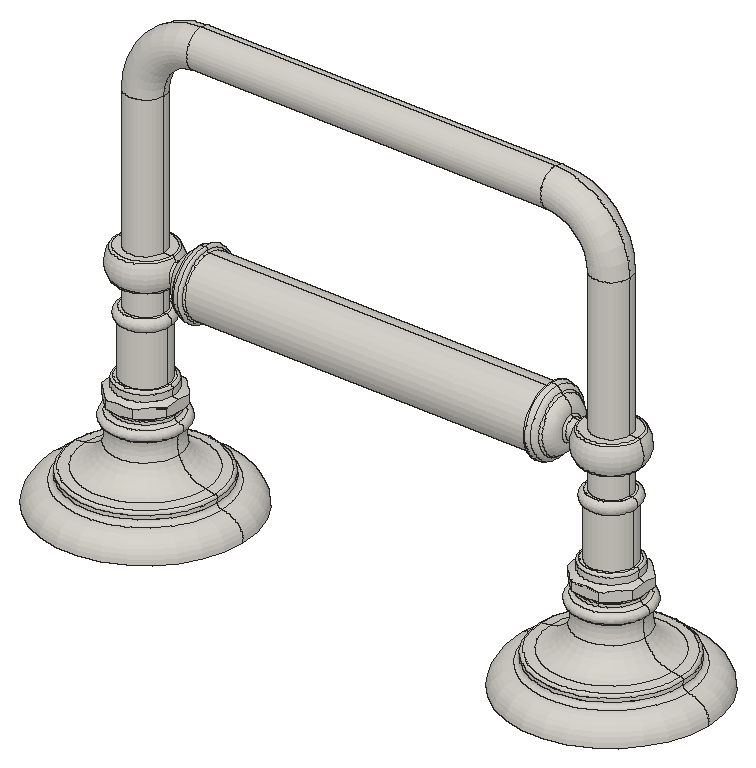
Revit family "Accessory-Tissue_Holder-KOHLER-Artifacts-K-72573BR_1", category Specialty Equipment, host Face, Revit 2017
Family settings
  Host = Face
  Round Connector Dimension = Use Diameter
  Part Type = Normal
  OmniClass Number = 23.31.25.21
  OmniClass Title = Toilet Paper Dispensers
  Cut with Voids When Loaded = No
  Shared = No
  Room Calculation Point = No
Parameters (values of type "SN-Vibrant Polished Nickel")
  Width = 6 1/4"  # constant formula
  WaterSense Certified = 1 = 0  # no
  URL = "https://br.kohler.com/"
  Type = 1
  Product Page URL = "https://br.kohler.com/product-detail/72573br?skuid=K-72573BR-SN"
  Product Name = "Artifacts"  # constant formula
  Product Documentation Link = ""
  Model = "K-72573BR-SN"  # constant formula
  Material = "Premium Metal Construction"  # constant formula
  Master Format 2014 Name = "Toilet, Bath, and Laundry Accessories"  # constant formula
  Master Format 2014 = "10 28 00"  # constant formula
  Manufacturer Address = "Rio de Janeiro MULTIREPAROS RUA BATISTA DA COSTA, Nº 352 | STORE B Rio de Janeiro SÃO GONÇALO 24450-470"  # constant formula
  Manufacturer = "KOHLER Co."  # constant formula
  Length = 6"  # constant formula
  Height = 2 5/8"  # constant formula
  Finish = Kohler-Metal-SN-Vibrant_Polished_Nickel
  Environmental Product Declaration = ""
  Description = "Vertical Paper"  # constant formula
  Default Elevation = 42"
  Declare Label = ""
  Date Modified = "07/15/2020"  # constant formula
  Date Created = "07/15/2020"  # constant formula
  Copyright = "Copyright KOHLER Co."  # constant formula
  Contact Us = "https://br.kohler.com/asr-listing"
  Assembly Code = "C1030200"
  ADA Compliant = 1 = 0  # no
Reference planes (in)
  plane 1 "Center (Front/Back)": y = 0
  plane 2: z = 0
  plane 3 "Center (Left/Right)": x = 0
  plane 4: x = 4.4375
  plane 5: x = -4.4375
  plane 6: y = -0.24996
  plane 7: y = 1.3125
  plane 8: z = 6
  plane 9: z = 5.5
  plane 10: z = 2.9274
  plane 11: y = 0.24996
  plane 12: z = 5.75
  plane 13: z = 2.5333
  plane 14: z = 0.29582
  plane 15: y = -1.3125
  plane 16: z = 3.3215
  plane 17: y = 0.39411
  plane 18: y = -0.39411
  plane 19: x = -3.125
  plane 20: x = -1.8125
  plane 21: x = 1.8125
  plane 22: x = 3.125
  plane 23: x = 3.37496
  plane 24: x = 2.87504
  plane 25: x = -3.37496
  plane 26: x = -2.87504
Dimensions and locks (in)
  "Length": plane 8 to level
  "Width": plane 19 to plane 22
  plane 5 to plane 4 = 8 7/8"
  "Height": plane 15 to plane 7
  aligned and locked: plane 2 to host face
  aligned and locked: level to host face
Automatic sketch dimensions
  host sketch curve to host sketch curve = 96"  (x2)
Nested families (in)
  nested 1: "K-72573BR" at (0, 0, 0), type "K-72573BR"
Definition of nested family "K-72573BR"
  Parameters (values of type "K-72573BR")
    Material = none
  Reference planes (in)
    plane 1 "Center (Front/Back)": y = 0
    plane 2: z = 0
    plane 3 "Center (Left/Right)": x = 0
    plane 4: z = 6
    plane 5: x = 3.125
    plane 6: x = -3.125
    plane 7: y = 1.3125
    plane 8: y = -1.3125
    plane 9: x = -4.4375
    plane 10: x = -1.8125
    plane 11: x = 4.4375
    plane 12: x = 1.8125
    plane 13: x = -2.27668
    plane 14: x = 2.27668
    plane 15: z = 5.5
    plane 16: z = 3.3215
    plane 17: z = 2.5333
    plane 18: z = 0.29582
    plane 19: z = 2.9274
    plane 20: x = -3.37496
    plane 21: x = -2.87504
    plane 22: x = 2.87504
    plane 23: x = 3.37496
    plane 24: z = 5.75
    plane 25: y = 0.24996
    plane 26: y = -0.24996
    plane 27: y = 0.39411
    plane 28: y = -0.39411
  Forms (in)
    Revolve 1, solid, material <- "Material", detail levels medium+fine
      sketch origin (0.11974, 0, 0) x (1, 0, 0) y (0, 0, 1)
        loop
          line (-3.24474, 3.11596) -> (-3.60265, 3.11596)
          arc (-3.60265, 3.11596) -> (-3.61756, 3.11217) -> (-3.62886, 3.10173) r 0.03125
          arc (-3.62886, 3.10173) -> (-3.68053, 2.92918) -> (-3.63093, 2.75602) r 0.32035
          arc (-3.63093, 2.75602) -> (-3.61754, 2.74342) -> (-3.59974, 2.73884) r 0.03691
          line (-3.59974, 2.73884) -> (-3.49471, 2.73884) -> (-3.49471, 2.3874) -> (-3.53448, 2.3874)
          arc (-3.53448, 2.3874) -> (-3.59166, 2.31653) -> (-3.54735, 2.23697) r 0.08142
          line (-3.54735, 2.23697) -> (-3.54735, 1.55443) -> (-3.58362, 1.55443)
          arc (-3.58362, 1.55443) -> (-3.60622, 1.54506) -> (-3.61559, 1.52245) r 0.03197
          line (-3.61559, 1.52245) -> (-3.61559, 1.43735) -> (-3.81784, 1.33871) -> (-3.6599, 1.24752)
          arc (-3.6599, 1.24752) -> (-3.64433, 1.23489) -> (-3.63848, 1.21572) r 0.03432
          line (-3.63848, 1.21572) -> (-3.63848, 1.17818)
          arc (-3.63848, 1.17818) -> (-3.65292, 1.14605) -> (-3.68653, 1.13551) r 0.04297
          arc (-3.68653, 1.13551) -> (-3.75157, 1.09143) -> (-3.71716, 1.02081) r 0.05997
          arc (-3.71716, 1.02081) -> (-3.70417, 1.01174) -> (-3.69592, 0.99821) r 0.0386
          arc (-3.69592, 0.99821) -> (-3.67535, 0.87636) -> (-3.69755, 0.75479) r 0.35709
          arc (-3.69755, 0.75479) -> (-3.83491, 0.5624) -> (-4.05077, 0.46604) r 0.45049
          arc (-4.05077, 0.46604) -> (-4.11352, 0.45618) -> (-4.17623, 0.44613) r 20.60461
          arc (-4.17623, 0.44613) -> (-4.19991, 0.43278) -> (-4.2093, 0.40727) r 0.03936
          line (-4.2093, 0.40727) -> (-4.2093, 0.3595)
          arc (-4.2093, 0.3595) -> (-4.22723, 0.31519) -> (-4.27093, 0.29582) r 0.06371
          arc (-4.27093, 0.29582) -> (-4.47394, 0.20584) -> (-4.55724, 0) r 0.29598
          line (-4.55724, 0) -> (-3.24474, 0) -> (-3.24474, 3.11596)
        axis (-3.24474, 0) -> (-3.24474, 3.11596)
      angle from 0 to 360
    Extrusion 2, void
      sketch origin (0.11974, 0, 0) x (1, 0, 0) y (0, 1, 0)
        loop
          line (-3.42576, 0.43701) -> (-3.68175, 0.18101) -> (-3.68175, -0.18101) -> (-3.42576, -0.43701) -> (-3.06373, -0.43701) -> (-2.80774, -0.18101) -> (-2.80774, 0.18101) -> (-3.06373, 0.43701) -> (-3.42576, 0.43701)
        loop
          circle (-3.24474, 0) r 0.63543
      from 1.22241 to 1.43031
    Revolve 3, solid, material <- "Material", detail levels medium+fine
      sketch origin (0, 0, 0) x (1, 0, 0) y (0, 0, 1)
        loop
          line (3.125, 2.9274) -> (3.125, 3.0576) -> (2.61816, 3.0576)
          arc (2.61816, 3.0576) -> (2.5953, 3.0677) -> (2.58739, 3.09141) r 0.03091
          arc (2.58739, 3.09141) -> (2.56082, 3.20469) -> (2.47115, 3.27883) r 0.18235
          arc (2.47115, 3.27883) -> (2.45785, 3.28771) -> (2.44965, 3.30145) r 0.03631
          arc (2.44965, 3.30145) -> (2.42849, 3.33695) -> (2.39417, 3.35996) r 0.09408
          arc (2.39417, 3.35996) -> (2.3621, 3.37038) -> (2.32908, 3.37722) r 0.30695
          arc (2.32908, 3.37722) -> (2.30343, 3.36873) -> (2.2951, 3.34304) r 0.02989
          arc (2.2951, 3.34304) -> (2.29085, 3.32803) -> (2.27668, 3.3215) r 0.01865
          line (2.27668, 3.3215) -> (-2.27668, 3.3215)
          arc (-2.27668, 3.3215) -> (-2.29085, 3.32803) -> (-2.2951, 3.34304) r 0.01865
          arc (-2.2951, 3.34304) -> (-2.30343, 3.36873) -> (-2.32908, 3.37722) r 0.02989
          arc (-2.32908, 3.37722) -> (-2.3621, 3.37038) -> (-2.39417, 3.35996) r 0.30695
          arc (-2.39417, 3.35996) -> (-2.42849, 3.33695) -> (-2.44965, 3.30145) r 0.09408
          arc (-2.44965, 3.30145) -> (-2.45785, 3.28771) -> (-2.47115, 3.27883) r 0.03631
          arc (-2.47115, 3.27883) -> (-2.56082, 3.20469) -> (-2.58739, 3.09141) r 0.18235
          arc (-2.58739, 3.09141) -> (-2.5953, 3.0677) -> (-2.61816, 3.0576) r 0.03091
          line (-2.61816, 3.0576) -> (-3.125, 3.0576) -> (-3.125, 2.9274) -> (3.125, 2.9274)
        axis (-3.125, 2.9274) -> (3.125, 2.9274)
      angle from 0 to 360
    Sweep 4, solid, material <- "Material", detail levels medium+fine
      path origin (0, 0, 0) x (1, 0, 0) y (0, 0, 1)
        loop
          line (-3.125, 3.10029) -> (-3.125, 5)
          arc (-3.125, 5) -> (-2.9054, 5.53026) -> (-2.3752, 5.75) r 0.75
          line (-2.3752, 5.75) -> (2.3752, 5.75)
          arc (2.3752, 5.75) -> (2.9054, 5.53026) -> (3.125, 5) r 0.75
          line (3.125, 5) -> (3.125, 3.10029)
      profile origin (-3.125, 0, 4.05014) x (-1, 0, 0) y (0, -1, 0)
        loop
          circle (0, 0) r 0.24996
    Extrusion 5, void
      sketch origin (-0.11974, 0, 0) x (-1, 0, 0) y (0, -1, 0)
        loop
          line (-3.42576, -0.43701) -> (-3.06373, -0.43701) -> (-2.80774, -0.18101) -> (-2.80774, 0.18101) -> (-3.06373, 0.43701) -> (-3.42576, 0.43701) -> (-3.68175, 0.18101) -> (-3.68175, -0.18101) -> (-3.42576, -0.43701)
        loop
          circle (-3.24474, 0) r 0.63543
      from 1.22241 to 1.43031
    Revolve 6, solid, material <- "Material", detail levels medium+fine
      sketch origin (-0.11974, 0, 0) x (-1, 0, 0) y (0, 0, 1)
        loop
          line (-3.24474, 3.11596) -> (-3.60265, 3.11596)
          arc (-3.60265, 3.11596) -> (-3.61756, 3.11217) -> (-3.62886, 3.10173) r 0.03125
          arc (-3.62886, 3.10173) -> (-3.68053, 2.92918) -> (-3.63093, 2.75602) r 0.32035
          arc (-3.63093, 2.75602) -> (-3.61754, 2.74342) -> (-3.59974, 2.73884) r 0.03691
          line (-3.59974, 2.73884) -> (-3.49471, 2.73884) -> (-3.49471, 2.3874) -> (-3.53448, 2.3874)
          arc (-3.53448, 2.3874) -> (-3.59166, 2.31653) -> (-3.54735, 2.23697) r 0.08142
          line (-3.54735, 2.23697) -> (-3.54735, 1.55443) -> (-3.58362, 1.55443)
          arc (-3.58362, 1.55443) -> (-3.60622, 1.54506) -> (-3.61559, 1.52245) r 0.03197
          line (-3.61559, 1.52245) -> (-3.61559, 1.43735) -> (-3.81784, 1.33871) -> (-3.6599, 1.24752)
          arc (-3.6599, 1.24752) -> (-3.64433, 1.23489) -> (-3.63848, 1.21572) r 0.03432
          line (-3.63848, 1.21572) -> (-3.63848, 1.17818)
          arc (-3.63848, 1.17818) -> (-3.65292, 1.14605) -> (-3.68653, 1.13551) r 0.04297
          arc (-3.68653, 1.13551) -> (-3.75157, 1.09143) -> (-3.71716, 1.02081) r 0.05997
          arc (-3.71716, 1.02081) -> (-3.70417, 1.01174) -> (-3.69592, 0.99821) r 0.0386
          arc (-3.69592, 0.99821) -> (-3.67535, 0.87636) -> (-3.69755, 0.75479) r 0.35709
          arc (-3.69755, 0.75479) -> (-3.83491, 0.5624) -> (-4.05077, 0.46604) r 0.45049
          arc (-4.05077, 0.46604) -> (-4.11352, 0.45618) -> (-4.17623, 0.44613) r 20.60461
          arc (-4.17623, 0.44613) -> (-4.19991, 0.43278) -> (-4.2093, 0.40727) r 0.03936
          line (-4.2093, 0.40727) -> (-4.2093, 0.3595)
          arc (-4.2093, 0.3595) -> (-4.22723, 0.31519) -> (-4.27093, 0.29582) r 0.06371
          arc (-4.27093, 0.29582) -> (-4.47394, 0.20584) -> (-4.55724, 0) r 0.29598
          line (-4.55724, 0) -> (-3.24474, 0) -> (-3.24474, 3.11596)
        axis (-3.24474, 0) -> (-3.24474, 3.11596)
      angle from 0 to 360
    Revolve 7, solid, material <- "Material", detail levels coarse
      sketch origin (0, 0, 0) x (1, 0, 0) y (0, 0, 1)
        loop
          line (-3.125, 0) -> (-3.125, 2.23882) -> (-3.47682, 2.23882) -> (-3.47682, 1.09143) -> (-3.63183, 1.09143) -> (-4.4375, 0) -> (-3.125, 0)
        axis (-3.125, 0) -> (-3.125, 2.23882)
      angle from 0 to 360
    Sweep 8, solid, material <- "Material", detail levels coarse
      path origin (0, 0, 0) x (1, 0, 0) y (0, 0, 1)
        loop
          line (3.125, 2.23882) -> (3.125, 5.75) -> (-3.125, 5.75) -> (-3.125, 2.23882)
      profile origin (0, 0, 5.75) x (0, 0, 1) y (0, -1, 0)
        loop
          circle (0, 0) r 0.26378
    Revolve 9, solid, material <- "Material", detail levels coarse
      sketch origin (0, 0, 0) x (1, 0, 0) y (0, 0, 1)
        loop
          line (-3.125, 2.9274) -> (3.125, 2.9274) -> (2.44965, 3.3215) -> (-2.44965, 3.3215) -> (-3.125, 2.9274)
        axis (-3.125, 2.9274) -> (3.125, 2.9274)
      angle from 0 to 360
    Revolve 10, solid, material <- "Material", detail levels coarse
      sketch origin (0, 0, 0) x (-1, 0, 0) y (0, 0, 1)
        loop
          line (-3.125, 0) -> (-3.125, 2.23882) -> (-3.47682, 2.23882) -> (-3.47682, 1.09143) -> (-3.63183, 1.09143) -> (-4.4375, 0) -> (-3.125, 0)
        axis (-3.125, 0) -> (-3.125, 2.23882)
      angle from 0 to 360
  Cuts and joins
    Extrusion 2, Extrusion 5 cuts Revolve 1
    Extrusion 5 cuts Revolve 6
    joined: Revolve 1, Revolve 3, Sweep 4, Revolve 6
    joined: Revolve 7, Sweep 8, Revolve 9, Revolve 10
  Lines and regions (in)
    Masking region 1
      outline origin (0, 0, 0) x (1, 0, 0) y (0, 0, 1)
        loop
          line (-3.125, 0) -> (-1.8125, 0)
          arc (-1.8125, 0) -> (-1.8958, 0.20584) -> (-2.09881, 0.29582) r 0.29598
          arc (-2.09881, 0.29582) -> (-2.14251, 0.31519) -> (-2.16044, 0.3595) r 0.06371
          line (-2.16044, 0.3595) -> (-2.16044, 0.40727)
          arc (-2.16044, 0.40727) -> (-2.16983, 0.43278) -> (-2.19351, 0.44613) r 0.03936
          arc (-2.19351, 0.44613) -> (-2.25623, 0.45618) -> (-2.31897, 0.46604) r 20.60461
          arc (-2.31897, 0.46604) -> (-2.53484, 0.5624) -> (-2.67219, 0.75479) r 0.45049
          arc (-2.67219, 0.75479) -> (-2.69439, 0.87636) -> (-2.67382, 0.99821) r 0.35709
          arc (-2.67382, 0.99821) -> (-2.66557, 1.01174) -> (-2.65259, 1.02081) r 0.0386
          arc (-2.65259, 1.02081) -> (-2.61817, 1.09143) -> (-2.68321, 1.13551) r 0.05997
          arc (-2.68321, 1.13551) -> (-2.71682, 1.14605) -> (-2.73126, 1.17818) r 0.04297
          line (-2.73126, 1.17818) -> (-2.73126, 1.21231)
          arc (-2.73126, 1.21231) -> (-2.72801, 1.22852) -> (-2.71875, 1.24222) r 0.042
          line (-2.71875, 1.24222) -> (-2.68799, 1.26014) -> (-2.68799, 1.40508) -> (-2.75416, 1.43735) -> (-2.75416, 1.52245)
          arc (-2.75416, 1.52245) -> (-2.76352, 1.54506) -> (-2.78613, 1.55443) r 0.03197
          line (-2.78613, 1.55443) -> (-2.82239, 1.55443) -> (-2.82239, 2.23697)
          arc (-2.82239, 2.23697) -> (-2.77809, 2.31653) -> (-2.83527, 2.3874) r 0.08142
          line (-2.83527, 2.3874) -> (-2.87504, 2.3874) -> (-2.87504, 2.73884) -> (-2.77001, 2.73884)
          arc (-2.77001, 2.73884) -> (-2.75068, 2.74431) -> (-2.73707, 2.75909) r 0.03691
          arc (-2.73707, 2.75909) -> (-2.72636, 2.77781) -> (-2.71692, 2.7972) r 0.32035
          line (-2.71692, 2.7972) -> (-2.61816, 2.7972)
          arc (-2.61816, 2.7972) -> (-2.5953, 2.7871) -> (-2.58739, 2.76339) r 0.03091
          arc (-2.58739, 2.76339) -> (-2.56082, 2.65011) -> (-2.47115, 2.57597) r 0.18235
          arc (-2.47115, 2.57597) -> (-2.45785, 2.56709) -> (-2.44965, 2.55335) r 0.03631
          arc (-2.44965, 2.55335) -> (-2.42849, 2.51785) -> (-2.39417, 2.49484) r 0.09408
          arc (-2.39417, 2.49484) -> (-2.3621, 2.48442) -> (-2.32908, 2.47758) r 0.30695
          arc (-2.32908, 2.47758) -> (-2.30343, 2.48606) -> (-2.2951, 2.51176) r 0.02989
          arc (-2.2951, 2.51176) -> (-2.29085, 2.52677) -> (-2.27668, 2.5333) r 0.01865
          line (-2.27668, 2.5333) -> (2.27668, 2.5333)
          arc (2.27668, 2.5333) -> (2.29085, 2.52677) -> (2.2951, 2.51176) r 0.01865
          arc (2.2951, 2.51176) -> (2.30343, 2.48606) -> (2.32908, 2.47758) r 0.02989
          arc (2.32908, 2.47758) -> (2.3621, 2.48442) -> (2.39417, 2.49484) r 0.30695
          arc (2.39417, 2.49484) -> (2.42849, 2.51785) -> (2.44965, 2.55335) r 0.09408
          arc (2.44965, 2.55335) -> (2.45785, 2.56709) -> (2.47115, 2.57597) r 0.03631
          arc (2.47115, 2.57597) -> (2.56082, 2.65011) -> (2.58739, 2.76339) r 0.18235
          arc (2.58739, 2.76339) -> (2.5953, 2.7871) -> (2.61816, 2.7972) r 0.03091
          line (2.61816, 2.7972) -> (2.71692, 2.7972)
          arc (2.71692, 2.7972) -> (2.72636, 2.77781) -> (2.73707, 2.75909) r 0.32035
          arc (2.73707, 2.75909) -> (2.75068, 2.74431) -> (2.77001, 2.73884) r 0.03691
          line (2.77001, 2.73884) -> (2.87504, 2.73884) -> (2.87504, 2.3874) -> (2.83527, 2.3874)
          arc (2.83527, 2.3874) -> (2.77809, 2.31653) -> (2.82239, 2.23697) r 0.08142
          line (2.82239, 2.23697) -> (2.82239, 1.55443) -> (2.78613, 1.55443)
          arc (2.78613, 1.55443) -> (2.76352, 1.54506) -> (2.75416, 1.52245) r 0.03197
          line (2.75416, 1.52245) -> (2.75416, 1.43735) -> (2.68799, 1.40508) -> (2.68799, 1.26014) -> (2.71875, 1.24222)
          arc (2.71875, 1.24222) -> (2.72801, 1.22852) -> (2.73126, 1.21231) r 0.042
          line (2.73126, 1.21231) -> (2.73126, 1.17818)
          arc (2.73126, 1.17818) -> (2.71682, 1.14605) -> (2.68321, 1.13551) r 0.04297
          arc (2.68321, 1.13551) -> (2.61817, 1.09143) -> (2.65259, 1.02081) r 0.05997
          arc (2.65259, 1.02081) -> (2.66557, 1.01174) -> (2.67382, 0.99821) r 0.0386
          arc (2.67382, 0.99821) -> (2.69439, 0.87636) -> (2.67219, 0.75479) r 0.35709
          arc (2.67219, 0.75479) -> (2.53484, 0.5624) -> (2.31897, 0.46604) r 0.45049
          arc (2.31897, 0.46604) -> (2.25623, 0.45618) -> (2.19351, 0.44613) r 20.60461
          arc (2.19351, 0.44613) -> (2.16983, 0.43278) -> (2.16044, 0.40727) r 0.03936
          line (2.16044, 0.40727) -> (2.16044, 0.3595)
          arc (2.16044, 0.3595) -> (2.14251, 0.31519) -> (2.09881, 0.29582) r 0.06371
          arc (2.09881, 0.29582) -> (1.8958, 0.20584) -> (1.8125, 0) r 0.29598
          line (1.8125, 0) -> (3.125, 0) -> (4.4375, 0)
          arc (4.4375, 0) -> (4.3542, 0.20584) -> (4.15119, 0.29582) r 0.29598
          arc (4.15119, 0.29582) -> (4.10749, 0.31519) -> (4.08956, 0.3595) r 0.06371
          line (4.08956, 0.3595) -> (4.08956, 0.40727)
          arc (4.08956, 0.40727) -> (4.08017, 0.43278) -> (4.05649, 0.44613) r 0.03936
          arc (4.05649, 0.44613) -> (3.99377, 0.45618) -> (3.93103, 0.46604) r 20.60461
          arc (3.93103, 0.46604) -> (3.71516, 0.5624) -> (3.57781, 0.75479) r 0.45049
          arc (3.57781, 0.75479) -> (3.55561, 0.87636) -> (3.57618, 0.99821) r 0.35709
          arc (3.57618, 0.99821) -> (3.58443, 1.01174) -> (3.59741, 1.02081) r 0.0386
          arc (3.59741, 1.02081) -> (3.63183, 1.09143) -> (3.56679, 1.13551) r 0.05997
          arc (3.56679, 1.13551) -> (3.53318, 1.14605) -> (3.51874, 1.17818) r 0.04297
          line (3.51874, 1.17818) -> (3.51874, 1.21231)
          arc (3.51874, 1.21231) -> (3.52199, 1.22852) -> (3.53125, 1.24222) r 0.042
          line (3.53125, 1.24222) -> (3.56201, 1.26014) -> (3.56201, 1.40508) -> (3.49584, 1.43735) -> (3.49584, 1.52245)
          arc (3.49584, 1.52245) -> (3.48648, 1.54506) -> (3.46387, 1.55443) r 0.03197
          line (3.46387, 1.55443) -> (3.42761, 1.55443) -> (3.42761, 2.23697)
          arc (3.42761, 2.23697) -> (3.47191, 2.31653) -> (3.41473, 2.3874) r 0.08142
          line (3.41473, 2.3874) -> (3.37496, 2.3874) -> (3.37496, 2.73884) -> (3.47999, 2.73884)
          arc (3.47999, 2.73884) -> (3.4978, 2.74342) -> (3.51119, 2.75602) r 0.03691
          arc (3.51119, 2.75602) -> (3.56079, 2.92918) -> (3.50911, 3.10173) r 0.32035
          arc (3.50911, 3.10173) -> (3.49782, 3.11217) -> (3.48291, 3.11596) r 0.03125
          line (3.48291, 3.11596) -> (3.37496, 3.11596) -> (3.37496, 5)
          arc (3.37496, 5) -> (3.08207, 5.70711) -> (2.37496, 6) r 1
          line (2.37496, 6) -> (-2.37496, 6)
          arc (-2.37496, 6) -> (-3.08207, 5.70711) -> (-3.37496, 5) r 1
          line (-3.37496, 5) -> (-3.37496, 3.11596) -> (-3.48291, 3.11596)
          arc (-3.48291, 3.11596) -> (-3.49782, 3.11217) -> (-3.50911, 3.10173) r 0.03125
          arc (-3.50911, 3.10173) -> (-3.56079, 2.92918) -> (-3.51119, 2.75602) r 0.32035
          arc (-3.51119, 2.75602) -> (-3.4978, 2.74342) -> (-3.47999, 2.73884) r 0.03691
          line (-3.47999, 2.73884) -> (-3.37496, 2.73884) -> (-3.37496, 2.3874) -> (-3.41473, 2.3874)
          arc (-3.41473, 2.3874) -> (-3.47191, 2.31653) -> (-3.42761, 2.23697) r 0.08142
          line (-3.42761, 2.23697) -> (-3.42761, 1.55443) -> (-3.46387, 1.55443)
          arc (-3.46387, 1.55443) -> (-3.48648, 1.54506) -> (-3.49584, 1.52245) r 0.03197
          line (-3.49584, 1.52245) -> (-3.49584, 1.43735) -> (-3.56201, 1.40508) -> (-3.56201, 1.26014) -> (-3.53125, 1.24222)
          arc (-3.53125, 1.24222) -> (-3.52199, 1.22852) -> (-3.51874, 1.21231) r 0.042
          line (-3.51874, 1.21231) -> (-3.51874, 1.17818)
          arc (-3.51874, 1.17818) -> (-3.53318, 1.14605) -> (-3.56679, 1.13551) r 0.04297
          arc (-3.56679, 1.13551) -> (-3.63183, 1.09143) -> (-3.59741, 1.02081) r 0.05997
          arc (-3.59741, 1.02081) -> (-3.58443, 1.01174) -> (-3.57618, 0.99821) r 0.0386
          arc (-3.57618, 0.99821) -> (-3.55561, 0.87636) -> (-3.57781, 0.75479) r 0.35709
          arc (-3.57781, 0.75479) -> (-3.71516, 0.5624) -> (-3.93103, 0.46604) r 0.45049
          arc (-3.93103, 0.46604) -> (-3.99377, 0.45618) -> (-4.05649, 0.44613) r 20.60461
          arc (-4.05649, 0.44613) -> (-4.08017, 0.43278) -> (-4.08956, 0.40727) r 0.03936
          line (-4.08956, 0.40727) -> (-4.08956, 0.3595)
          arc (-4.08956, 0.3595) -> (-4.10749, 0.31519) -> (-4.15119, 0.29582) r 0.06371
          arc (-4.15119, 0.29582) -> (-4.3542, 0.20584) -> (-4.4375, 0) r 0.29598
          line (-4.4375, 0) -> (-3.125, 0)
        loop
          arc (-2.76709, 3.11596) -> (-2.75218, 3.11217) -> (-2.74089, 3.10173) r 0.03125
          arc (-2.74089, 3.10173) -> (-2.72804, 3.08013) -> (-2.71692, 3.0576) r 0.32035
          line (-2.71692, 3.0576) -> (-2.61816, 3.0576)
          arc (-2.61816, 3.0576) -> (-2.5953, 3.0677) -> (-2.58739, 3.09141) r 0.03091
          arc (-2.58739, 3.09141) -> (-2.56082, 3.20469) -> (-2.47115, 3.27883) r 0.18235
          arc (-2.47115, 3.27883) -> (-2.45785, 3.28771) -> (-2.44965, 3.30145) r 0.03631
          arc (-2.44965, 3.30145) -> (-2.42849, 3.33695) -> (-2.39417, 3.35996) r 0.09408
          arc (-2.39417, 3.35996) -> (-2.3621, 3.37038) -> (-2.32908, 3.37722) r 0.30695
          arc (-2.32908, 3.37722) -> (-2.30343, 3.36873) -> (-2.2951, 3.34304) r 0.02989
          arc (-2.2951, 3.34304) -> (-2.29085, 3.32803) -> (-2.27668, 3.3215) r 0.01865
          line (-2.27668, 3.3215) -> (2.27668, 3.3215)
          arc (2.27668, 3.3215) -> (2.29085, 3.32803) -> (2.2951, 3.34304) r 0.01865
          arc (2.2951, 3.34304) -> (2.30343, 3.36873) -> (2.32908, 3.37722) r 0.02989
          arc (2.32908, 3.37722) -> (2.3621, 3.37038) -> (2.39417, 3.35996) r 0.30695
          arc (2.39417, 3.35996) -> (2.42849, 3.33695) -> (2.44965, 3.30145) r 0.09408
          arc (2.44965, 3.30145) -> (2.45785, 3.28771) -> (2.47115, 3.27883) r 0.03631
          arc (2.47115, 3.27883) -> (2.56082, 3.20469) -> (2.58739, 3.09141) r 0.18235
          arc (2.58739, 3.09141) -> (2.5953, 3.0677) -> (2.61816, 3.0576) r 0.03091
          line (2.61816, 3.0576) -> (2.71692, 3.0576)
          arc (2.71692, 3.0576) -> (2.72804, 3.08013) -> (2.74089, 3.10173) r 0.32035
          arc (2.74089, 3.10173) -> (2.75218, 3.11217) -> (2.76709, 3.11596) r 0.03125
          line (2.76709, 3.11596) -> (2.87504, 3.11596) -> (2.87504, 5)
          arc (2.87504, 5) -> (2.72859, 5.35355) -> (2.37504, 5.5) r 0.5
          line (2.37504, 5.5) -> (-2.37504, 5.5)
          arc (-2.37504, 5.5) -> (-2.72859, 5.35355) -> (-2.87504, 5) r 0.5
          line (-2.87504, 5) -> (-2.87504, 3.11596) -> (-2.76709, 3.11596)
    Masking region 2
      outline origin (0, 0, 0) x (1, 0, 0) y (0, 1, 0)
        loop
          arc (-1.87307, 0.39411) -> (-4.4375, 0) -> (-1.87307, -0.39411) r 1.3125
          line (-1.87307, -0.39411) -> (1.87307, -0.39411)
          arc (1.87307, -0.39411) -> (4.4375, 0) -> (1.87307, 0.39411) r 1.3125
          line (1.87307, 0.39411) -> (-1.87307, 0.39411)
    Masking region 3
      outline origin (0, 0, 0) x (0, 1, 0) y (0, 0, 1)
        loop
          line (0, 0) -> (1.3125, 0)
          arc (1.3125, 0) -> (1.2292, 0.20584) -> (1.02619, 0.29582) r 0.29598
          arc (1.02619, 0.29582) -> (0.98249, 0.31519) -> (0.96456, 0.3595) r 0.06371
          line (0.96456, 0.3595) -> (0.96456, 0.40727)
          arc (0.96456, 0.40727) -> (0.95517, 0.43278) -> (0.93149, 0.44613) r 0.03936
          arc (0.93149, 0.44613) -> (0.86877, 0.45618) -> (0.80603, 0.46604) r 20.60461
          arc (0.80603, 0.46604) -> (0.59016, 0.5624) -> (0.45281, 0.75479) r 0.45049
          arc (0.45281, 0.75479) -> (0.43061, 0.87636) -> (0.45118, 0.99821) r 0.35709
          arc (0.45118, 0.99821) -> (0.45943, 1.01174) -> (0.47241, 1.02081) r 0.0386
          arc (0.47241, 1.02081) -> (0.50683, 1.09143) -> (0.44179, 1.13551) r 0.05997
          arc (0.44179, 1.13551) -> (0.40818, 1.14605) -> (0.39374, 1.17818) r 0.04297
          line (0.39374, 1.17818) -> (0.39374, 1.21231)
          arc (0.39374, 1.21231) -> (0.39699, 1.22852) -> (0.40625, 1.24222) r 0.042
          line (0.40625, 1.24222) -> (0.43701, 1.26014) -> (0.43701, 1.40508) -> (0.37084, 1.43735) -> (0.37084, 1.52245)
          arc (0.37084, 1.52245) -> (0.36148, 1.54506) -> (0.33887, 1.55443) r 0.03197
          line (0.33887, 1.55443) -> (0.30261, 1.55443) -> (0.30261, 2.23697)
          arc (0.30261, 2.23697) -> (0.34691, 2.31653) -> (0.28973, 2.3874) r 0.08142
          line (0.28973, 2.3874) -> (0.24996, 2.3874) -> (0.24996, 2.55383)
          arc (0.24996, 2.55383) -> (0.44949, 2.9274) -> (0.24996, 3.30097) r 0.44949
          line (0.24996, 3.30097) -> (0.24996, 5.75006)
          arc (0.24996, 5.75006) -> (0, 6.00002) -> (-0.24996, 5.75006) r 0.24996
          line (-0.24996, 5.75006) -> (-0.24996, 3.30097)
          arc (-0.24996, 3.30097) -> (-0.44949, 2.9274) -> (-0.24996, 2.55383) r 0.44949
          line (-0.24996, 2.55383) -> (-0.24996, 2.3874) -> (-0.28973, 2.3874)
          arc (-0.28973, 2.3874) -> (-0.34691, 2.31653) -> (-0.30261, 2.23697) r 0.08142
          line (-0.30261, 2.23697) -> (-0.30261, 1.55443) -> (-0.33887, 1.55443)
          arc (-0.33887, 1.55443) -> (-0.36148, 1.54506) -> (-0.37084, 1.52245) r 0.03197
          line (-0.37084, 1.52245) -> (-0.37084, 1.43735) -> (-0.43701, 1.40508) -> (-0.43701, 1.26014) -> (-0.40625, 1.24222)
          arc (-0.40625, 1.24222) -> (-0.39699, 1.22852) -> (-0.39374, 1.21231) r 0.042
          line (-0.39374, 1.21231) -> (-0.39374, 1.17818)
          arc (-0.39374, 1.17818) -> (-0.40818, 1.14605) -> (-0.44179, 1.13551) r 0.04297
          arc (-0.44179, 1.13551) -> (-0.50683, 1.09143) -> (-0.47241, 1.02081) r 0.05997
          arc (-0.47241, 1.02081) -> (-0.45943, 1.01174) -> (-0.45118, 0.99821) r 0.0386
          arc (-0.45118, 0.99821) -> (-0.43061, 0.87636) -> (-0.45281, 0.75479) r 0.35709
          arc (-0.45281, 0.75479) -> (-0.59016, 0.5624) -> (-0.80603, 0.46604) r 0.45049
          arc (-0.80603, 0.46604) -> (-0.86877, 0.45618) -> (-0.93149, 0.44613) r 20.60461
          arc (-0.93149, 0.44613) -> (-0.95517, 0.43278) -> (-0.96456, 0.40727) r 0.03936
          line (-0.96456, 0.40727) -> (-0.96456, 0.3595)
          arc (-0.96456, 0.3595) -> (-0.98249, 0.31519) -> (-1.02619, 0.29582) r 0.06371
          arc (-1.02619, 0.29582) -> (-1.2292, 0.20584) -> (-1.3125, 0) r 0.29598
          line (-1.3125, 0) -> (0, 0)
    symbolic lines, detail levels medium+fine
      curve 1: line (-3.37496, 0, 3.11596) -> (-2.87504, 0, 3.11596)
      curve 2: line (-3.37496, 0, 2.73884) -> (-2.87504, 0, 2.73884)
      curve 3: line (-3.37496, 0, 2.3874) -> (-2.87504, 0, 2.3874)
      curve 4: line (-3.42761, 0, 2.23697) -> (-2.82239, 0, 2.23697)
      curve 5: line (-3.42761, 0, 1.55443) -> (-2.82239, 0, 1.55443)
      curve 6: line (-3.49584, 0, 1.43735) -> (-2.75416, 0, 1.43735)
      curve 7: line (-3.54016, 0, 1.24752) -> (-2.70984, 0, 1.24752)
      curve 8: line (-3.56679, 0, 1.13551) -> (-2.68321, 0, 1.13551)
      curve 9: line (-3.59741, 0, 1.02081) -> (-2.65259, 0, 1.02081)
      curve 10: line (-4.05649, 0, 0.44613) -> (-2.19351, 0, 0.44613)
      curve 11: line (-4.15119, 0, 0.29582) -> (-2.09881, 0, 0.29582)
      curve 12: arc (-2.71692, 0, 3.0576) -> (-2.70862, 0, 2.9274) -> (-2.71692, 0, 2.7972) r 1.02475
      curve 13: line (-2.58739, 0, 3.09141) -> (-2.58739, 0, 2.76339)
      curve 14: line (-2.44965, 0, 3.30145) -> (-2.44965, 0, 2.55335)
      curve 15: line (-2.2951, 0, 3.34304) -> (-2.2951, 0, 2.51176)
      curve 16: line (3.37496, 0, 3.11596) -> (2.87504, 0, 3.11596)
      curve 17: line (3.37496, 0, 2.73884) -> (2.87504, 0, 2.73884)
      curve 18: line (3.37496, 0, 2.3874) -> (2.87504, 0, 2.3874)
      curve 19: line (3.42761, 0, 2.23697) -> (2.82239, 0, 2.23697)
      curve 20: line (3.42761, 0, 1.55443) -> (2.82239, 0, 1.55443)
      curve 21: line (3.49584, 0, 1.43735) -> (2.75416, 0, 1.43735)
      curve 22: line (3.54016, 0, 1.24752) -> (2.70984, 0, 1.24752)
      curve 23: line (3.56679, 0, 1.13551) -> (2.68321, 0, 1.13551)
      curve 24: line (3.59741, 0, 1.02081) -> (2.65259, 0, 1.02081)
      curve 25: line (4.05649, 0, 0.44613) -> (2.19351, 0, 0.44613)
      curve 26: line (4.15119, 0, 0.29582) -> (2.09881, 0, 0.29582)
      curve 27: arc (2.71692, 0, 3.0576) -> (2.70862, 0, 2.9279) -> (2.71679, 0, 2.79819) r 1.02475
      curve 28: line (2.58739, 0, 3.09141) -> (2.58739, 0, 2.76339)
      curve 29: line (2.44965, 0, 3.30145) -> (2.44965, 0, 2.55335)
      curve 30: line (2.2951, 0, 3.34304) -> (2.2951, 0, 2.51176)
      curve 31: spline (-3.30601, 0, 1.38752) -> (-3.32714, 0, 1.39288) -> (-3.34838, 0, 1.39726) -> (-3.36971, 0, 1.40068) -> (-3.39111, 0, 1.40313) -> (-3.41255, 0, 1.40459) -> (-3.43401, 0, 1.40508) -> (-3.45547, 0, 1.40459) -> (-3.47691, 0, 1.40313) -> (-3.49831, 0, 1.40068) -> (-3.51964, 0, 1.39726) -> (-3.54088, 0, 1.39288) -> (-3.56201, 0, 1.38752)
      curve 32: spline (-3.56201, 0, 1.28092) -> (-3.54096, 0, 1.27459) -> (-3.51976, 0, 1.2694) -> (-3.49843, 0, 1.26535) -> (-3.47701, 0, 1.26245) -> (-3.45553, 0, 1.26072) -> (-3.43401, 0, 1.26014) -> (-3.4125, 0, 1.26072) -> (-3.39101, 0, 1.26245) -> (-3.36959, 0, 1.26535) -> (-3.34826, 0, 1.2694) -> (-3.32706, 0, 1.27459) -> (-3.30601, 0, 1.28092)
      curve 33: line (-3.30601, 0, 1.28092) -> (-3.30601, 0, 1.38752)
      curve 34: arc (-2.94399, 0, 1.38752) -> (-3.125, 0, 1.40508) -> (-3.30601, 0, 1.38752) r 0.9417
      curve 35: arc (-3.30601, 0, 1.28092) -> (-3.125, 0, 1.26014) -> (-2.94399, 0, 1.28092) r 0.7985
      curve 36: line (-2.94399, 0, 1.28092) -> (-2.94399, 0, 1.38752)
      curve 37: spline (-2.94399, 0, 1.38752) -> (-2.92286, 0, 1.39288) -> (-2.90162, 0, 1.39726) -> (-2.88029, 0, 1.40068) -> (-2.85889, 0, 1.40313) -> (-2.83745, 0, 1.40459) -> (-2.81599, 0, 1.40508) -> (-2.79453, 0, 1.40459) -> (-2.77309, 0, 1.40313) -> (-2.75169, 0, 1.40068) -> (-2.73036, 0, 1.39726) -> (-2.70912, 0, 1.39288) -> (-2.68799, 0, 1.38752)
      curve 38: spline (-2.68799, 0, 1.28092) -> (-2.70904, 0, 1.27459) -> (-2.73024, 0, 1.2694) -> (-2.75157, 0, 1.26535) -> (-2.77299, 0, 1.26245) -> (-2.79447, 0, 1.26072) -> (-2.81599, 0, 1.26014) -> (-2.8375, 0, 1.26072) -> (-2.85899, 0, 1.26245) -> (-2.88041, 0, 1.26535) -> (-2.90174, 0, 1.2694) -> (-2.92294, 0, 1.27459) -> (-2.94399, 0, 1.28092)
      curve 39: spline (2.94399, 0, 1.38752) -> (2.92286, 0, 1.39288) -> (2.90162, 0, 1.39726) -> (2.88029, 0, 1.40068) -> (2.85889, 0, 1.40313) -> (2.83745, 0, 1.40459) -> (2.81599, 0, 1.40508) -> (2.79453, 0, 1.40459) -> (2.77309, 0, 1.40313) -> (2.75169, 0, 1.40068) -> (2.73036, 0, 1.39726) -> (2.70912, 0, 1.39288) -> (2.68799, 0, 1.38752)
      curve 40: spline (2.68799, 0, 1.28092) -> (2.70904, 0, 1.27459) -> (2.73024, 0, 1.2694) -> (2.75157, 0, 1.26535) -> (2.77299, 0, 1.26245) -> (2.79447, 0, 1.26072) -> (2.81599, 0, 1.26014) -> (2.8375, 0, 1.26072) -> (2.85899, 0, 1.26245) -> (2.88041, 0, 1.26535) -> (2.90174, 0, 1.2694) -> (2.92294, 0, 1.27459) -> (2.94399, 0, 1.28092)
      curve 41: line (2.94399, 0, 1.28092) -> (2.94399, 0, 1.38752)
      curve 42: arc (3.30601, 0, 1.38752) -> (3.125, 0, 1.40508) -> (2.94399, 0, 1.38752) r 0.9417
      curve 43: arc (2.94399, 0, 1.28092) -> (3.125, 0, 1.26014) -> (3.30601, 0, 1.28092) r 0.7985
      curve 44: line (3.30601, 0, 1.28092) -> (3.30601, 0, 1.38752)
      curve 45: spline (3.56201, 0, 1.38752) -> (3.54088, 0, 1.39288) -> (3.51964, 0, 1.39726) -> (3.49831, 0, 1.40068) -> (3.47691, 0, 1.40313) -> (3.45547, 0, 1.40459) -> (3.43401, 0, 1.40508) -> (3.41255, 0, 1.40459) -> (3.39111, 0, 1.40313) -> (3.36971, 0, 1.40068) -> (3.34838, 0, 1.39726) -> (3.32714, 0, 1.39288) -> (3.30601, 0, 1.38752)
      curve 46: spline (3.30601, 0, 1.28092) -> (3.32706, 0, 1.27459) -> (3.34826, 0, 1.2694) -> (3.36959, 0, 1.26535) -> (3.39101, 0, 1.26245) -> (3.4125, 0, 1.26072) -> (3.43401, 0, 1.26014) -> (3.45553, 0, 1.26072) -> (3.47701, 0, 1.26245) -> (3.49843, 0, 1.26535) -> (3.51976, 0, 1.2694) -> (3.54096, 0, 1.27459) -> (3.56201, 0, 1.28092)
      curve 47: arc (-2.24413, 0.39411, 0) -> (-4.09002, 0, 0) -> (-2.24413, -0.39411, 0) r 0.96502
      curve 48: arc (-2.68056, 0.24996, 0) -> (-3.63491, 0, 0) -> (-2.68056, -0.24996, 0) r 0.50991
      curve 49: line (-3.56201, 0.18101, 0) -> (-3.30601, 0.43701, 0)
      curve 50: line (-3.30601, -0.43701, 0) -> (-3.56201, -0.18101, 0)
      curve 51: line (-2.94399, -0.43701, 0) -> (-3.30601, -0.43701, 0)
      curve 52: line (-2.75694, -0.24996, 0) -> (-2.94399, -0.43701, 0)
      curve 53: line (-3.56201, -0.18101, 0) -> (-3.56201, 0.18101, 0)
      curve 54: line (-3.30601, 0.43701, 0) -> (-2.94399, 0.43701, 0)
      curve 55: line (-2.94399, 0.43701, 0) -> (-2.75694, 0.24996, 0)
      curve 56: line (-3.125, 0.24996, 0) -> (3.125, 0.24996, 0)
      curve 57: line (-3.125, -0.24996, 0) -> (3.125, -0.24996, 0)
      curve 58: arc (-3.125, -0.24996, 0) -> (-3.37496, 0, 0) -> (-3.125, 0.24996, 0) r 0.24996
      curve 59: arc (-2.76801, 0.24996, 0) -> (-3.5608, 0, 0) -> (-2.76801, -0.24996, 0) r 0.4358
      curve 60: line (-1.87307, 0.39411, 0) -> (-2.24413, 0.39411, 0)
      curve 61: line (-1.87307, -0.39411, 0) -> (-2.24413, -0.39411, 0)
      curve 62: line (-2.24413, 0.39411, 0) -> (-2.28115, 0.39411, 0)
      curve 63: arc (-2.28115, 0.39411, 0) -> (-2.29136, 0.39867, 0) -> (-2.29479, 0.40932, 0) r 0.01372
      curve 64: line (-2.29479, 0.42013, 0) -> (-2.29479, 0.24996, 0)
      curve 65: arc (-2.33392, 0.44927, 0) -> (-2.30704, 0.44452, 0) -> (-2.29479, 0.42013, 0) r 0.03041
      curve 66: arc (-2.36292, 0.44241, 0) -> (-2.34832, 0.44541, 0) -> (-2.33392, 0.44927, 0) r 0.25584
      curve 67: arc (-2.4187, 0.41863, 0) -> (-2.39218, 0.43372, 0) -> (-2.36292, 0.44241, 0) r 0.13356
      curve 68: arc (-2.45026, 0.3715, 0) -> (-2.43863, 0.39784, 0) -> (-2.4187, 0.41863, 0) r 0.08301
      curve 69: arc (-2.46709, 0.35306, 0) -> (-2.45633, 0.36014, 0) -> (-2.45026, 0.3715, 0) r 0.02611
      curve 70: arc (-2.46709, 0.35306, 0) -> (-2.53202, 0.31331, 0) -> (-2.57424, 0.24996, 0) r 0.17702
      curve 71: line (-2.24413, -0.39411, 0) -> (-2.28115, -0.39411, 0)
      curve 72: arc (-2.28115, -0.39411, 0) -> (-2.29136, -0.39867, 0) -> (-2.29479, -0.40932, 0) r 0.01372
      curve 73: line (-2.29479, -0.42013, 0) -> (-2.29479, -0.24996, 0)
      curve 74: arc (-2.33392, -0.44927, 0) -> (-2.30704, -0.44452, 0) -> (-2.29479, -0.42013, 0) r 0.03041
      curve 75: arc (-2.36292, -0.44241, 0) -> (-2.34832, -0.44541, 0) -> (-2.33392, -0.44927, 0) r 0.25584
      curve 76: arc (-2.4187, -0.41863, 0) -> (-2.39218, -0.43372, 0) -> (-2.36292, -0.44241, 0) r 0.13356
      curve 77: arc (-2.45026, -0.3715, 0) -> (-2.43863, -0.39784, 0) -> (-2.4187, -0.41863, 0) r 0.08301
      curve 78: arc (-2.46709, -0.35306, 0) -> (-2.45633, -0.36014, 0) -> (-2.45026, -0.3715, 0) r 0.02611
      curve 79: arc (-2.46709, -0.35306, 0) -> (-2.53202, -0.31331, 0) -> (-2.57424, -0.24996, 0) r 0.17702
      curve 80: arc (2.24413, 0.39411, 0) -> (4.09002, 0, 0) -> (2.24413, -0.39411, 0) r 0.96502
      curve 81: arc (2.68056, 0.24996, 0) -> (3.63491, 0, 0) -> (2.68056, -0.24996, 0) r 0.50991
      curve 82: line (3.56201, 0.18101, 0) -> (3.30601, 0.43701, 0)
      curve 83: line (3.30601, -0.43701, 0) -> (3.56201, -0.18101, 0)
      curve 84: line (2.94399, -0.43701, 0) -> (3.30601, -0.43701, 0)
      curve 85: line (2.75694, -0.24996, 0) -> (2.94399, -0.43701, 0)
      curve 86: line (3.56201, -0.18101, 0) -> (3.56201, 0.18101, 0)
      curve 87: line (3.30601, 0.43701, 0) -> (2.94399, 0.43701, 0)
      curve 88: line (2.94399, 0.43701, 0) -> (2.75694, 0.24996, 0)
      curve 89: arc (3.125, -0.24996, 0) -> (3.37496, 0, 0) -> (3.125, 0.24996, 0) r 0.24996
      curve 90: arc (2.76801, 0.24996, 0) -> (3.5608, 0, 0) -> (2.76801, -0.24996, 0) r 0.4358
      curve 91: line (1.87307, 0.39411, 0) -> (2.24413, 0.39411, 0)
      curve 92: line (1.87307, -0.39411, 0) -> (2.24413, -0.39411, 0)
      curve 93: line (2.24413, 0.39411, 0) -> (2.28115, 0.39411, 0)
      curve 94: arc (2.28115, 0.39411, 0) -> (2.29136, 0.39867, 0) -> (2.29479, 0.40932, 0) r 0.01372
      curve 95: line (2.29479, 0.42013, 0) -> (2.29479, 0.24996, 0)
      curve 96: arc (2.33392, 0.44927, 0) -> (2.30704, 0.44452, 0) -> (2.29479, 0.42013, 0) r 0.03041
      curve 97: arc (2.36292, 0.44241, 0) -> (2.34832, 0.44541, 0) -> (2.33392, 0.44927, 0) r 0.25584
      curve 98: arc (2.4187, 0.41863, 0) -> (2.39218, 0.43372, 0) -> (2.36292, 0.44241, 0) r 0.13356
      curve 99: arc (2.45026, 0.3715, 0) -> (2.43863, 0.39784, 0) -> (2.4187, 0.41863, 0) r 0.08301
      curve 100: arc (2.46709, 0.35306, 0) -> (2.45633, 0.36014, 0) -> (2.45026, 0.3715, 0) r 0.02611
      curve 101: arc (2.46709, 0.35306, 0) -> (2.53202, 0.31331, 0) -> (2.57424, 0.24996, 0) r 0.17702
      curve 102: line (2.24413, -0.39411, 0) -> (2.28115, -0.39411, 0)
      curve 103: arc (2.28115, -0.39411, 0) -> (2.29136, -0.39867, 0) -> (2.29479, -0.40932, 0) r 0.01372
      curve 104: line (2.29479, -0.42013, 0) -> (2.29479, -0.24996, 0)
      curve 105: arc (2.33392, -0.44927, 0) -> (2.30704, -0.44452, 0) -> (2.29479, -0.42013, 0) r 0.03041
      curve 106: arc (2.36292, -0.44241, 0) -> (2.34832, -0.44541, 0) -> (2.33392, -0.44927, 0) r 0.25584
      curve 107: arc (2.4187, -0.41863, 0) -> (2.39218, -0.43372, 0) -> (2.36292, -0.44241, 0) r 0.13356
      curve 108: arc (2.45026, -0.3715, 0) -> (2.43863, -0.39784, 0) -> (2.4187, -0.41863, 0) r 0.08301
      curve 109: arc (2.46709, -0.35306, 0) -> (2.45633, -0.36014, 0) -> (2.45026, -0.3715, 0) r 0.02611
      curve 110: arc (2.46709, -0.35306, 0) -> (2.53202, -0.31331, 0) -> (2.57424, -0.24996, 0) r 0.17702
      curve 111: line (0, 0.24996, 2.55383) -> (0, 0.24996, 2.73884)
      curve 112: line (0, 0.24996, 2.73884) -> (0, 0.3558, 2.73884)
      curve 113: line (0, 0.24996, 3.11596) -> (0, 0.35855, 3.11596)
      curve 114: arc (0, 0.3558, 2.73884) -> (0, 0.37283, 2.74322) -> (0, 0.38563, 2.75528) r 0.0353
      curve 115: arc (0, 0.38563, 2.75528) -> (0, 0.43543, 2.9287) -> (0, 0.38418, 3.10168) r 0.32213
      curve 116: arc (0, 0.38418, 3.10168) -> (0, 0.37314, 3.11194) -> (0, 0.35855, 3.11567) r 0.03048
      curve 117: line (0, 0.24996, 3.11596) -> (0, 0.24996, 3.30097)
      curve 118: line (0, 0.24996, 3.11596) -> (0, -0.24996, 3.11596)
      curve 119: line (0, 0.24996, 2.73884) -> (0, -0.24996, 2.73884)
      curve 120: line (0, -0.24996, 2.73884) -> (0, -0.3558, 2.73884)
      curve 121: line (0, -0.24996, 3.11596) -> (0, -0.35855, 3.11596)
      curve 122: arc (0, -0.3558, 2.73884) -> (0, -0.37283, 2.74322) -> (0, -0.38563, 2.75528) r 0.0353
      curve 123: arc (0, -0.38563, 2.75528) -> (0, -0.43543, 2.9287) -> (0, -0.38418, 3.10168) r 0.32213
      curve 124: arc (0, -0.38418, 3.10168) -> (0, -0.37314, 3.11194) -> (0, -0.35855, 3.11567) r 0.03048
      curve 125: line (0, -0.24996, 2.55383) -> (0, -0.24996, 2.73884)
      curve 126: line (0, -0.24996, 3.11596) -> (0, -0.24996, 3.30097)
      curve 127: arc (0, 0.3462, 3.11596) -> (0, 0.3037, 3.17875) -> (0, 0.24996, 3.23224) r 0.39422
      curve 128: arc (0, -0.24996, 3.23224) -> (0, -0.3037, 3.17875) -> (0, -0.3462, 3.11596) r 0.39422
      curve 129: arc (0, -0.3462, 2.73884) -> (0, -0.3037, 2.67605) -> (0, -0.24996, 2.62256) r 0.39422
      curve 130: arc (0, 0.24996, 2.62256) -> (0, 0.3037, 2.67605) -> (0, 0.3462, 2.73884) r 0.39422
      curve 131: line (0, 0.24996, 2.3874) -> (0, -0.24996, 2.3874)
      curve 132: line (0, 0.30261, 2.23697) -> (0, -0.30261, 2.23697)
      curve 133: line (0, 0.30261, 1.55443) -> (0, -0.30261, 1.55443)
      curve 134: line (0, 0.37084, 1.43735) -> (0, -0.37084, 1.43735)
      curve 135: line (0, 0.41516, 1.24752) -> (0, -0.41516, 1.24752)
      curve 136: line (0, 0.44179, 1.13551) -> (0, -0.44179, 1.13551)
      curve 137: line (0, 0.47241, 1.02081) -> (0, -0.47241, 1.02081)
      curve 138: line (0, 0.93149, 0.44613) -> (0, -0.93149, 0.44613)
      curve 139: line (0, -1.02619, 0.29582) -> (0, 1.02619, 0.29582)
      curve 140: spline (0, 0.43701, 1.38752) -> (0, 0.41588, 1.39288) -> (0, 0.39464, 1.39726) -> (0, 0.37331, 1.40068) -> (0, 0.35191, 1.40313) -> (0, 0.33047, 1.40459) -> (0, 0.30901, 1.40508) -> (0, 0.28755, 1.40459) -> (0, 0.26611, 1.40313) -> (0, 0.24471, 1.40068) -> (0, 0.22338, 1.39726) -> (0, 0.20214, 1.39288) -> (0, 0.18101, 1.38752)
      curve 141: arc (0, 0.18101, 1.38752) -> (0, 0.09092, 1.40052) -> (0, 0, 1.40508) r 0.97795
      curve 142: line (0, 0, 1.40508) -> (0, 0, 1.43735)
      curve 143: line (0, 0, 1.43735) -> (0, 0, 1.40508)
      curve 144: arc (0, 0, 1.40508) -> (0, -0.09092, 1.40052) -> (0, -0.18101, 1.38752) r 0.97795
      curve 145: spline (0, -0.18101, 1.38752) -> (0, -0.20214, 1.39288) -> (0, -0.22338, 1.39726) -> (0, -0.24471, 1.40068) -> (0, -0.26611, 1.40313) -> (0, -0.28755, 1.40459) -> (0, -0.30901, 1.40508) -> (0, -0.33047, 1.40459) -> (0, -0.35191, 1.40313) -> (0, -0.37331, 1.40068) -> (0, -0.39464, 1.39726) -> (0, -0.41588, 1.39288) -> (0, -0.43701, 1.38752)
      curve 146: spline (0, -0.43701, 1.28092) -> (0, -0.41596, 1.27459) -> (0, -0.39476, 1.2694) -> (0, -0.37343, 1.26535) -> (0, -0.35201, 1.26245) -> (0, -0.33053, 1.26072) -> (0, -0.30901, 1.26014) -> (0, -0.2875, 1.26072) -> (0, -0.26601, 1.26245) -> (0, -0.24459, 1.26535) -> (0, -0.22326, 1.2694) -> (0, -0.20206, 1.27459) -> (0, -0.18101, 1.28092)
      curve 147: arc (0, -0.18101, 1.28092) -> (0, -0.09108, 1.26556) -> (0, 0, 1.26014) r 0.83157
      curve 148: arc (0, 0, 1.26014) -> (0, 0.09108, 1.26556) -> (0, 0.18101, 1.28092) r 0.83157
      curve 149: spline (0, 0.18101, 1.28092) -> (0, 0.20206, 1.27459) -> (0, 0.22326, 1.2694) -> (0, 0.24459, 1.26535) -> (0, 0.26601, 1.26245) -> (0, 0.2875, 1.26072) -> (0, 0.30901, 1.26014) -> (0, 0.33053, 1.26072) -> (0, 0.35201, 1.26245) -> (0, 0.37343, 1.26535) -> (0, 0.39476, 1.2694) -> (0, 0.41596, 1.27459) -> (0, 0.43701, 1.28092)
      curve 150: line (0, 0.18101, 1.38752) -> (0, 0.18101, 1.28092)
      curve 151: line (0, -0.18101, 1.38752) -> (0, -0.18101, 1.28092)
      curve 152: line (-2.44965, 0.37384, 0) -> (-2.44965, 0.24996, 0)
      curve 153: line (-2.44965, -0.37384, 0) -> (-2.44965, -0.24996, 0)
      curve 154: line (2.44965, 0.37384, 0) -> (2.44965, 0.24996, 0)
      curve 155: line (2.44965, -0.37384, 0) -> (2.44965, -0.24996, 0)
  Dimensions and locks (in)
    plane 4 to plane 2 = 6"
    plane 9 to plane 10 = 2 5/8"
    plane 7 to plane 8 = 2 5/8"
    locked: plane 13 to plane 6 at 0.84832
    locked: plane 5 to plane 14 at 0.84832
    locked: plane 4 to Sweep 4 sketch curve at 0.25
    plane 6 to plane 5 = 6 1/4"
    aligned and locked: plane 2 to level
